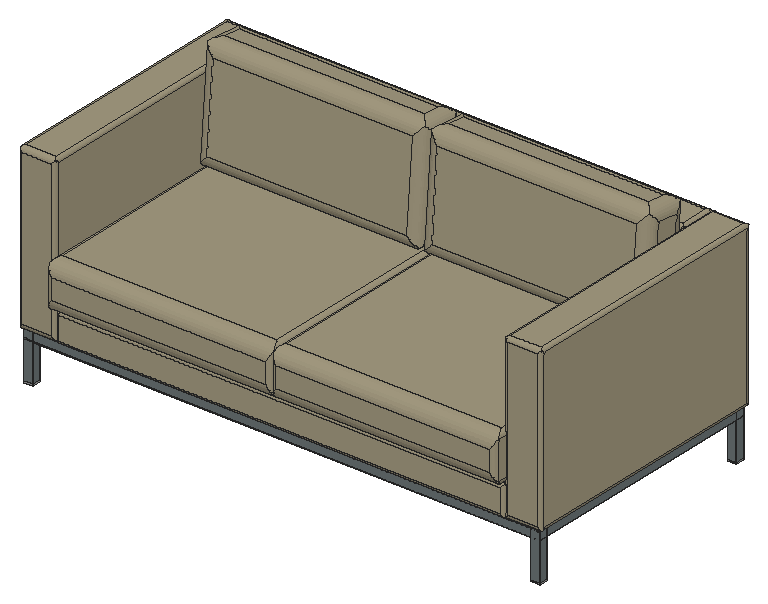
Revit family "FU_Sofa_Sandler_Iber 7-25", category Furniture, Revit 2022
Family settings
  OmniClass Number = 23.40.20.00
  OmniClass Title = General Furniture and Specialties
  Work Plane-Based = No
  Always vertical = Yes
  Cut with Voids When Loaded = No
  Render Appearance Source = Family Geometry
  Shared = No
  Room Calculation Point = No
Parameters (values of type "Iber 7.25")
  Width = 1690 mm
  URL = "https://www.sandlerseating.com/product/iber-7-25/"
  Seat [instance] = Fabric - Mainline Flax - Kensington MLF07
  Model = "Iber 7.25"
  Manufacturer = "Sandler"
  Height = 780 mm
  Frame [instance] = Metal - Powdercoats - Granite Grey RAL 7026
  Description = "Large two-seat sofa with slender armrests and chrome feet."
  Depth = 880 mm
  Default Elevation = 0 mm
Reference planes
  plane 1 "Center (Front/Back)": y = 0
  plane 2: z = 0
  plane 3 "Center (Left/Right)": x = 0
  plane 4 "Right": x = -845
  plane 5 "Left": x = 845
  plane 6 "Back": y = 440
  plane 7 "Front": y = -440
  plane 8 "Height": z = 780
  plane 9 "Seat Height": z = 410
  plane 10 "frame height FRONT": z = 155
  plane 11 "pads FRONT": z = 5
  plane 12 "frame right FRONT": x = -834.066
  plane 13 "frame left FRONT": x = 834.331
  plane 14 "frame front RIGHT": y = -396
  plane 15 "frame back RIGHT": y = 428
  plane 16 "inner right arm FRONT": x = -725.043
  plane 17 "inner left arm FRONT": x = 724.947
Forms (mm)
  Sweep 1, solid, material "Metal - Powdercoats - Granite Grey RAL 7026" <- "Frame"
    path origin (0, 0, 155) x (-1, 0, 0) y (0, -1, 0)
      loop
        line (834.066, -428) -> (834.066, 396) -> (-834.331, 396) -> (-834.331, -428) -> (834.066, -428)
    profile origin (0.132, 428, 155) x (0, 1, 0) y (0, 0, 1)
      loop
        line (-1.5, 0) -> (-28.5, 0)
        arc (-28.5, 0) -> (-29.561, -0.439) -> (-30, -1.5) r 1.5
        line (-30, -1.5) -> (-30, -26.5)
        arc (-30, -26.5) -> (-29.561, -27.561) -> (-28.5, -28) r 1.5
        line (-28.5, -28) -> (-1.5, -28)
        arc (-1.5, -28) -> (-0.439, -27.561) -> (0, -26.5) r 1.5
        line (0, -26.5) -> (0, -1.5)
        arc (0, -1.5) -> (-0.439, -0.439) -> (-1.5, 0) r 1.5
  Sweep 2, solid, material "Metal - Powdercoats - Granite Grey RAL 7026" <- "Frame"
    path origin (834.331, 0, 0) x (0, 0, 1) y (0, -1, 0)
      loop
        line (155, 396) -> (5, 396)
    profile origin (834.331, -396, 80) x (1, 0, 0) y (0, 1, 0)
      loop
        arc (-1.48, -0.021) -> (-0.419, 0.419) -> (0.02, 1.479) r 1.5
        line (0.02, 1.479) -> (0.02, 28.479)
        arc (0.02, 28.479) -> (-0.419, 29.54) -> (-1.48, 29.979) r 1.5
        line (-1.48, 29.979) -> (-28.48, 29.979)
        arc (-28.48, 29.979) -> (-29.541, 29.54) -> (-29.98, 28.479) r 1.5
        line (-29.98, 28.479) -> (-29.98, 1.479)
        arc (-29.98, 1.479) -> (-29.541, 0.419) -> (-28.48, -0.021) r 1.5
        line (-28.48, -0.021) -> (-1.48, -0.021)
  Sweep 3, solid, material "Metal - Powdercoats - Granite Grey RAL 7026" <- "Frame"
    path origin (-834.066, 0, 0) x (0, 0, 1) y (0, -1, 0)
      loop
        line (155, 396.021) -> (5, 396.021)
    profile origin (-834.066, -396.021, 80) x (1, 0, 0) y (0, 1, 0)
      loop
        arc (28.5, 0) -> (29.561, 0.439) -> (30, 1.5) r 1.5
        line (30, 1.5) -> (30, 28.5)
        arc (30, 28.5) -> (29.561, 29.561) -> (28.5, 30) r 1.5
        line (28.5, 30) -> (1.5, 30)
        arc (1.5, 30) -> (0.439, 29.561) -> (0, 28.5) r 1.5
        line (0, 28.5) -> (0, 1.5)
        arc (0, 1.5) -> (0.439, 0.439) -> (1.5, 0) r 1.5
        line (1.5, 0) -> (28.5, 0)
  Sweep 4, solid, material "Metal - Powdercoats - Granite Grey RAL 7026" <- "Frame"
    path origin (0, -396, 0) x (0, 0, 1) y (1, 0, 0)
      loop
        line (155, -834.066) -> (5, -834.066)
    profile origin (-834.066, -396, 80) x (0, 1, 0) y (-1, 0, 0)
      loop
        arc (794, -28.5) -> (794.439, -29.561) -> (795.5, -30) r 1.5
        line (795.5, -30) -> (822.5, -30)
        arc (822.5, -30) -> (823.561, -29.561) -> (824, -28.5) r 1.5
        line (824, -28.5) -> (824, -1.5)
        arc (824, -1.5) -> (823.561, -0.439) -> (822.5, 0) r 1.5
        line (822.5, 0) -> (795.5, 0)
        arc (795.5, 0) -> (794.439, -0.439) -> (794, -1.5) r 1.5
        line (794, -1.5) -> (794, -28.5)
  Sweep 5, solid, material "Metal - Powdercoats - Granite Grey RAL 7026" <- "Frame"
    path origin (834.331, 0, 0) x (0, 0, 1) y (0, -1, 0)
      loop
        line (155, -428) -> (5, -428)
    profile origin (834.331, 428, 80) x (1, 0, 0) y (0, 1, 0)
      loop
        arc (-1.5, -30) -> (-0.439, -29.561) -> (0, -28.5) r 1.5
        line (0, -28.5) -> (0, -1.5)
        arc (0, -1.5) -> (-0.439, -0.439) -> (-1.5, 0) r 1.5
        line (-1.5, 0) -> (-28.5, 0)
        arc (-28.5, 0) -> (-29.561, -0.439) -> (-30, -1.5) r 1.5
        line (-30, -1.5) -> (-30, -28.5)
        arc (-30, -28.5) -> (-29.561, -29.561) -> (-28.5, -30) r 1.5
        line (-28.5, -30) -> (-1.5, -30)
  Sweep 6, solid, material "Rubber, Natural"
    path origin (834.331, 0, 0) x (0, 0, 1) y (0, -1, 0)
      loop
        line (5, -428) -> (0, -428)
    profile origin (834.331, 428, 2.5) x (1, 0, 0) y (0, 1, 0)
      loop
        arc (-1.48, -30) -> (-0.419, -29.561) -> (0.02, -28.5) r 1.5
        line (0.02, -28.5) -> (0.02, -1.5)
        arc (0.02, -1.5) -> (-0.419, -0.439) -> (-1.48, 0) r 1.5
        line (-1.48, 0) -> (-28.48, 0)
        arc (-28.48, 0) -> (-29.541, -0.439) -> (-29.98, -1.5) r 1.5
        line (-29.98, -1.5) -> (-29.98, -28.5)
        arc (-29.98, -28.5) -> (-29.541, -29.561) -> (-28.48, -30) r 1.5
        line (-28.48, -30) -> (-1.48, -30)
  Sweep 7, solid, material "Rubber, Natural"
    path origin (834.331, 0, 0) x (0, 0, 1) y (0, -1, 0)
      loop
        line (5, 396.021) -> (0, 396.021)
    profile origin (834.331, -396.021, 2.5) x (1, 0, 0) y (0, 1, 0)
      loop
        arc (-1.48, 0) -> (-0.419, 0.439) -> (0.02, 1.5) r 1.5
        line (0.02, 1.5) -> (0.02, 28.5)
        arc (0.02, 28.5) -> (-0.419, 29.561) -> (-1.48, 30) r 1.5
        line (-1.48, 30) -> (-28.48, 30)
        arc (-28.48, 30) -> (-29.541, 29.561) -> (-29.98, 28.5) r 1.5
        line (-29.98, 28.5) -> (-29.98, 1.5)
        arc (-29.98, 1.5) -> (-29.541, 0.439) -> (-28.48, 0) r 1.5
        line (-28.48, 0) -> (-1.48, 0)
  Sweep 8, solid, material "Rubber, Natural"
    path origin (-834.066, 0, 0) x (0, 0, 1) y (0, -1, 0)
      loop
        line (5, 396.021) -> (0, 396.021)
    profile origin (-834.066, -396.021, 2.5) x (1, 0, 0) y (0, 1, 0)
      loop
        arc (28.5, 0) -> (29.561, 0.439) -> (30, 1.5) r 1.5
        line (30, 1.5) -> (30, 28.5)
        arc (30, 28.5) -> (29.561, 29.561) -> (28.5, 30) r 1.5
        line (28.5, 30) -> (1.5, 30)
        arc (1.5, 30) -> (0.439, 29.561) -> (0, 28.5) r 1.5
        line (0, 28.5) -> (0, 1.5)
        arc (0, 1.5) -> (0.439, 0.439) -> (1.5, 0) r 1.5
        line (1.5, 0) -> (28.5, 0)
  Sweep 9, solid, material "Rubber, Natural"
    path origin (-834.066, 0, 0) x (0, 0, 1) y (0, -1, 0)
      loop
        line (5, -428) -> (0, -428)
    profile origin (-834.066, 428, 2.5) x (1, 0, 0) y (0, 1, 0)
      loop
        arc (28.5, -30) -> (29.561, -29.561) -> (30, -28.5) r 1.5
        line (30, -28.5) -> (30, -1.5)
        arc (30, -1.5) -> (29.561, -0.439) -> (28.5, 0) r 1.5
        line (28.5, 0) -> (1.5, 0)
        arc (1.5, 0) -> (0.439, -0.439) -> (0, -1.5) r 1.5
        line (0, -1.5) -> (0, -28.5)
        arc (0, -28.5) -> (0.439, -29.561) -> (1.5, -30) r 1.5
        line (1.5, -30) -> (28.5, -30)
  Extrusion 10, solid, material "Fabric - Mainline Flax - Kensington MLF07" <- "Seat"
    sketch origin (-845, 0, 0) x (0, 1, 0) y (0, 0, 1)
      loop
        arc (425, 155) -> (435.607, 159.393) -> (440, 170) r 15
        line (440, 170) -> (440, 670)
        arc (440, 670) -> (435.607, 680.607) -> (425, 685) r 15
        line (425, 685) -> (-388.972, 685)
        arc (-388.972, 685) -> (-399.579, 680.607) -> (-403.972, 670) r 15
        line (-403.972, 670) -> (-403.972, 170)
        arc (-403.972, 170) -> (-399.579, 159.393) -> (-388.972, 155) r 15
        line (-388.972, 155) -> (425, 155)
    from 0 to 119.957
  Extrusion 11, solid, material "Fabric - Mainline Flax - Kensington MLF07" <- "Seat"
    sketch origin (845, 0, 0) x (0, 1, 0) y (0, 0, 1)
      loop
        arc (425, 155) -> (435.607, 159.393) -> (440, 170) r 15
        line (440, 170) -> (440, 670)
        arc (440, 670) -> (435.607, 680.607) -> (425, 685) r 15
        line (425, 685) -> (-388.972, 685)
        arc (-388.972, 685) -> (-399.579, 680.607) -> (-403.972, 670) r 15
        line (-403.972, 670) -> (-403.972, 170)
        arc (-403.972, 170) -> (-399.579, 159.393) -> (-388.972, 155) r 15
        line (-388.972, 155) -> (425, 155)
    from 0 to -120.053
  Sweep 12, void
    path in 3D
      loop
        line (-845, 440, 685) -> (-845, 440, 155) -> (-845, -403.972, 155) -> (-845, -403.972, 685) -> (-845, 440, 685)
    profile "Pro_edgeCut_12mm : Pro_edgeCut_12mm" origin (-845, 18.014, 685) x (-1, 0, 0) y (0, 0, 1)
      loop
        line (-7.071, 21.213) -> (-14.142, 0) -> (-12, 0)
        arc (-12, 0) -> (-3.515, -3.515) -> (0, -12) r 12
        line (0, -12) -> (0, -14.142) -> (21.213, -7.071) -> (-7.071, 21.213)
  Sweep 13, void
    path in 3D
      loop
        line (-725.043, -403.972, 685) -> (-725.043, -403.972, 155) -> (-725.043, 440, 155) -> (-725.043, 440, 685) -> (-725.043, -403.972, 685)
    profile "Pro_edgeCut_12mm : Pro_edgeCut_12mm" origin (-725.043, 18.014, 685) x (1, 0, 0) y (0, 0, 1)
      loop
        line (-7.071, 21.213) -> (-14.142, 0) -> (-12, 0)
        arc (-12, 0) -> (-3.515, -3.515) -> (0, -12) r 12
        line (0, -12) -> (0, -14.142) -> (21.213, -7.071) -> (-7.071, 21.213)
  Sweep 14, void
    path in 3D
      loop
        line (845, -403.972, 685) -> (845, -403.972, 155) -> (845, 440, 155) -> (845, 440, 685) -> (845, -403.972, 685)
    profile "Pro_edgeCut_12mm : Pro_edgeCut_12mm" origin (845, 18.014, 685) x (1, 0, 0) y (0, 0, 1)
      loop
        line (-7.071, 21.213) -> (-14.142, 0) -> (-12, 0)
        arc (-12, 0) -> (-3.515, -3.515) -> (0, -12) r 12
        line (0, -12) -> (0, -14.142) -> (21.213, -7.071) -> (-7.071, 21.213)
  Sweep 15, void
    path in 3D
      loop
        line (724.947, 440, 685) -> (724.947, 440, 155) -> (724.947, -403.972, 155) -> (724.947, -403.972, 685) -> (724.947, 440, 685)
    profile "Pro_edgeCut_12mm : Pro_edgeCut_12mm" origin (724.947, 18.014, 685) x (-1, 0, 0) y (0, 0, 1)
      loop
        line (-7.071, 21.213) -> (-14.142, 0) -> (-12, 0)
        arc (-12, 0) -> (-3.515, -3.515) -> (0, -12) r 12
        line (0, -12) -> (0, -14.142) -> (21.213, -7.071) -> (-7.071, 21.213)
  Extrusion 16, solid, material "Fabric - Mainline Flax - Kensington MLF07" <- "Seat"
    sketch origin (0, 0, 0) x (0, 1, 0) y (0, 0, 1)
      loop
        line (-393.717, 155) -> (425, 155)
        arc (425, 155) -> (435.607, 159.393) -> (440, 170) r 15
        line (440, 170) -> (440, 669.793)
        arc (440, 669.793) -> (435.607, 680.4) -> (425, 684.793) r 15
        line (425, 684.793) -> (335, 684.793)
        arc (335, 684.793) -> (324.393, 680.4) -> (320, 669.793) r 15
        line (320, 669.793) -> (320, 255) -> (-388.717, 255)
        arc (-388.717, 255) -> (-399.324, 250.607) -> (-403.717, 240) r 15
        line (-403.717, 240) -> (-403.717, 165)
        arc (-403.717, 165) -> (-400.788, 157.929) -> (-393.717, 155) r 10
    from -725.043 to 724.947
  Sweep 17, void
    path in 3D
      loop
        line (724.947, -403.717, 255) -> (724.947, -403.717, 155) -> (724.947, 440, 155) -> (724.947, 440, 684.793) -> (724.947, 320, 684.793) -> (724.947, 320, 255) -> (724.947, -403.717, 255)
    profile "Pro_edgeCut_12mm : Pro_edgeCut_12mm" origin (724.947, -41.859, 255) x (1, 0, 0) y (0, 0, 1)
      loop
        line (-7.071, 21.213) -> (-14.142, 0) -> (-12, 0)
        arc (-12, 0) -> (-3.515, -3.515) -> (0, -12) r 12
        line (0, -12) -> (0, -14.142) -> (21.213, -7.071) -> (-7.071, 21.213)
  Sweep 18, void
    path in 3D
      loop
        line (-725.043, 320, 255) -> (-725.043, 320, 684.793) -> (-725.043, 440, 684.793) -> (-725.043, 440, 155) -> (-725.043, -403.717, 155) -> (-725.043, -403.717, 255) -> (-725.043, 320, 255)
    profile "Pro_edgeCut_12mm : Pro_edgeCut_12mm" origin (-725.043, -41.859, 255) x (-1, 0, 0) y (0, 0, 1)
      loop
        line (-7.071, 21.213) -> (-14.142, 0) -> (-12, 0)
        arc (-12, 0) -> (-3.515, -3.515) -> (0, -12) r 12
        line (0, -12) -> (0, -14.142) -> (21.213, -7.071) -> (-7.071, 21.213)
  Extrusion 19, solid, material "Fabric - Mainline Flax - Kensington MLF07" <- "Seat"
    sketch origin (-725.043, 0, 0) x (0, 0, 1) y (0, -1, 0)
      loop
        arc (460.779, -158.902) -> (427.98, -169.413) -> (412.22, -200.037) r 45
        line (412.22, -200.037) -> (407.29, -259.601)
        arc (407.29, -259.601) -> (417.8, -292.399) -> (448.424, -308.16) r 45
        line (448.424, -308.16) -> (726.248, -331.157)
        arc (726.248, -331.157) -> (759.047, -320.647) -> (774.807, -290.023) r 45
        line (774.807, -290.023) -> (779.738, -230.458)
        arc (779.738, -230.458) -> (769.227, -197.66) -> (738.603, -181.9) r 45
        line (738.603, -181.9) -> (460.779, -158.902)
    from 0 to 725.043
  Sweep 20, void
    path in 3D
      loop
        line (0, 185.612, 783.45) -> (0, 155.19, 415.932) -> (0, 304.447, 403.577) -> (0, 334.869, 771.095) -> (0, 185.612, 783.45)
    profile "Pro_edgeCut_40mm : Pro_edgeCut_40mm" origin (0, 260.241, 777.272) x (0, -0.082494, -0.996592) y (1, 0, 0)
      loop
        line (7.071, 21.213) -> (-21.213, -7.071) -> (0, -40)
        arc (0, -40) -> (11.716, -11.716) -> (40, 0) r 40
        line (40, 0) -> (7.071, 21.213)
  Sweep 21, void
    path in 3D
      loop
        line (-725.043, 334.869, 771.095) -> (-725.043, 304.447, 403.577) -> (-725.043, 155.19, 415.932) -> (-725.043, 185.612, 783.45) -> (-725.043, 334.869, 771.095)
    profile "Pro_edgeCut_40mm : Pro_edgeCut_40mm" origin (-725.043, 260.241, 777.272) x (0, -0.082494, -0.996592) y (-1, 0, 0)
      loop
        line (7.071, 21.213) -> (-21.213, -7.071) -> (0, -40)
        arc (0, -40) -> (11.716, -11.716) -> (40, 0) r 40
        line (40, 0) -> (7.071, 21.213)
  Extrusion 22, solid, material "Fabric - Mainline Flax - Kensington MLF07" <- "Seat"
    sketch origin (-725.043, 0, 0) x (0, 0, 1) y (0, -1, 0)
      loop
        line (255, -320) -> (410, -320) -> (410, 395)
        arc (410, 395) -> (396.82, 426.82) -> (365, 440) r 45
        line (365, 440) -> (300, 440)
        arc (300, 440) -> (268.18, 426.82) -> (255, 395) r 45
        line (255, 395) -> (255, -320)
    from 0 to 725.043
  Sweep 23, void
    path in 3D
      loop
        line (-725.043, 320, 410) -> (-725.043, 320, 255) -> (-725.043, -440, 255) -> (-725.043, -440, 410) -> (-725.043, 320, 410)
    profile "Pro_edgeCut_32-5mm : Pro_edgeCut_32-5mm" origin (-725.043, -60, 410) x (-1, 0, 0) y (0, 0, 1)
      loop
        line (-7.071, 21.213) -> (-16.25, 0)
        arc (-16.25, 0) -> (-4.76, -4.76) -> (0, -16.25) r 16.25
        line (0, -16.25) -> (21.213, -7.071) -> (-7.071, 21.213)
  Sweep 24, void
    path in 3D
      loop
        line (0, -440, 410) -> (0, -440, 255) -> (0, 320, 255) -> (0, 320, 410) -> (0, -440, 410)
    profile "Pro_edgeCut_32-5mm : Pro_edgeCut_32-5mm" origin (0, -60, 410) x (1, 0, 0) y (0, 0, 1)
      loop
        line (-7.071, 21.213) -> (-16.25, 0)
        arc (-16.25, 0) -> (-4.76, -4.76) -> (0, -16.25) r 16.25
        line (0, -16.25) -> (21.213, -7.071) -> (-7.071, 21.213)
  Extrusion 25, solid, material "Fabric - Mainline Flax - Kensington MLF07" <- "Seat"
    sketch origin (575.043, 0, 0) x (0, 0, 1) y (0, 1, 0)
      loop
        line (460.779, 158.902) -> (738.603, 181.9)
        arc (738.603, 181.9) -> (769.227, 197.66) -> (779.738, 230.458) r 45
        line (779.738, 230.458) -> (774.807, 290.023)
        arc (774.807, 290.023) -> (759.047, 320.647) -> (726.248, 331.157) r 45
        line (726.248, 331.157) -> (448.424, 308.16)
        arc (448.424, 308.16) -> (417.8, 292.399) -> (407.29, 259.601) r 45
        line (407.29, 259.601) -> (412.22, 200.037)
        arc (412.22, 200.037) -> (427.98, 169.413) -> (460.779, 158.902) r 45
    from -149.903 to 575.043
  Sweep 26, void
    path in 3D
      loop
        line (0, 185.612, 783.45) -> (0, 155.19, 415.932) -> (0, 304.447, 403.577) -> (0, 334.869, 771.095) -> (0, 185.612, 783.45)
    profile "Pro_edgeCut_40mm : Pro_edgeCut_40mm" origin (0, 260.241, 777.272) x (0, 0.082494, 0.996592) y (-1, 0, 0)
      loop
        line (-7.071, 21.213) -> (-40, 0)
        arc (-40, 0) -> (-11.716, -11.716) -> (0, -40) r 40
        line (0, -40) -> (21.213, -7.071) -> (-7.071, 21.213)
  Sweep 27, void
    path in 3D
      loop
        line (724.947, 334.869, 771.095) -> (724.947, 304.447, 403.577) -> (724.947, 155.19, 415.932) -> (724.947, 185.612, 783.45) -> (724.947, 334.869, 771.095)
    profile "Pro_edgeCut_40mm : Pro_edgeCut_40mm" origin (724.947, 260.241, 777.272) x (0, 0.082494, 0.996592) y (1, 0, 0)
      loop
        line (-7.071, 21.213) -> (-40, 0)
        arc (-40, 0) -> (-11.716, -11.716) -> (0, -40) r 40
        line (0, -40) -> (21.213, -7.071) -> (-7.071, 21.213)
  Extrusion 28, solid, material "Fabric - Mainline Flax - Kensington MLF07" <- "Seat"
    sketch origin (575.043, 0, 0) x (0, 0, 1) y (0, 1, 0)
      loop
        line (255, 320) -> (255, -395)
        arc (255, -395) -> (268.18, -426.82) -> (300, -440) r 45
        line (300, -440) -> (365, -440)
        arc (365, -440) -> (396.82, -426.82) -> (410, -395) r 45
        line (410, -395) -> (410, 320) -> (255, 320)
    from -149.903 to 575.043
  Sweep 29, void
    path in 3D
      loop
        line (724.947, 320, 410) -> (724.947, 320, 255) -> (724.947, -440, 255) -> (724.947, -440, 410) -> (724.947, 320, 410)
    profile "Pro_edgeCut_32-5mm : Pro_edgeCut_32-5mm" origin (724.947, -60, 410) x (-1, 0, 0) y (0, 0, 1)
      loop
        line (7.071, 21.213) -> (-21.213, -7.071) -> (0, -16.25)
        arc (0, -16.25) -> (4.76, -4.76) -> (16.25, 0) r 16.25
        line (16.25, 0) -> (7.071, 21.213)
  Sweep 30, void
    path in 3D
      loop
        line (0, -440, 410) -> (0, -440, 255) -> (0, 320, 255) -> (0, 320, 410) -> (0, -440, 410)
    profile "Pro_edgeCut_32-5mm : Pro_edgeCut_32-5mm" origin (0, -60, 410) x (1, 0, 0) y (0, 0, 1)
      loop
        line (7.071, 21.213) -> (-21.213, -7.071) -> (0, -16.25)
        arc (0, -16.25) -> (4.76, -4.76) -> (16.25, 0) r 16.25
        line (16.25, 0) -> (7.071, 21.213)
Cuts and joins
  Sweep 12, Sweep 13 cuts Extrusion 10
  Sweep 14, Sweep 15 cuts Extrusion 11
  Sweep 17, Sweep 18 cuts Extrusion 16
  Sweep 20, Sweep 21 cuts Extrusion 19
  Sweep 23, Sweep 24 cuts Extrusion 22
  Sweep 26, Sweep 27 cuts Extrusion 25
  Sweep 29, Sweep 30 cuts Extrusion 28
Lines and regions (mm)
  sketch lines
    curve 1: line (-845, -403.972, 685) -> (-845, 440, 685)
    curve 2: line (-845, -403.972, 155) -> (-845, -403.972, 685)
    curve 3: line (-845, 440, 155) -> (-845, -403.972, 155)
    curve 4: line (-845, 440, 685) -> (-845, 440, 155)
    curve 5: line (-725.043, 440, 685) -> (-725.043, -403.972, 685)
    curve 6: line (-725.043, -403.972, 685) -> (-725.043, -403.972, 155)
    curve 7: line (-725.043, -403.972, 155) -> (-725.043, 440, 155)
    curve 8: line (-725.043, 440, 155) -> (-725.043, 440, 685)
    curve 9: line (845, 440, 685) -> (845, -403.972, 685)
    curve 10: line (845, -403.972, 685) -> (845, -403.972, 155)
    curve 11: line (845, -403.972, 155) -> (845, 440, 155)
    curve 12: line (845, 440, 155) -> (845, 440, 685)
    curve 13: line (724.947, -403.972, 685) -> (724.947, 440, 685)
    curve 14: line (724.947, -403.972, 155) -> (724.947, -403.972, 685)
    curve 15: line (724.947, 440, 155) -> (724.947, -403.972, 155)
    curve 16: line (724.947, 440, 685) -> (724.947, 440, 155)
    curve 17: line (724.947, 320, 255) -> (724.947, -403.717, 255)
    curve 18: line (724.947, -403.717, 255) -> (724.947, -403.717, 155)
    curve 19: line (724.947, -403.717, 155) -> (724.947, 440, 155)
    curve 20: line (724.947, 440, 155) -> (724.947, 440, 684.793)
    curve 21: line (724.947, 440, 684.793) -> (724.947, 320, 684.793)
    curve 22: line (724.947, 320, 684.793) -> (724.947, 320, 255)
    curve 23: line (-725.043, -403.717, 255) -> (-725.043, 320, 255)
    curve 24: line (-725.043, -403.717, 155) -> (-725.043, -403.717, 255)
    curve 25: line (-725.043, 440, 155) -> (-725.043, -403.717, 155)
    curve 26: line (-725.043, 440, 684.793) -> (-725.043, 440, 155)
    curve 27: line (-725.043, 320, 684.793) -> (-725.043, 440, 684.793)
    curve 28: line (-725.043, 320, 255) -> (-725.043, 320, 684.793)
    curve 29: line (0, 334.869, 771.095) -> (0, 185.612, 783.45)
    curve 30: line (0, 185.612, 783.45) -> (0, 155.19, 415.932)
    curve 31: line (0, 155.19, 415.932) -> (0, 304.447, 403.577)
    curve 32: line (0, 304.447, 403.577) -> (0, 334.869, 771.095)
    curve 33: line (-725.043, 185.612, 783.45) -> (-725.043, 334.869, 771.095)
    curve 34: line (-725.043, 155.19, 415.932) -> (-725.043, 185.612, 783.45)
    curve 35: line (-725.043, 304.447, 403.577) -> (-725.043, 155.19, 415.932)
    curve 36: line (-725.043, 334.869, 771.095) -> (-725.043, 304.447, 403.577)
    curve 37: line (-725.043, -440, 410) -> (-725.043, 320, 410)
    curve 38: line (-725.043, -440, 255) -> (-725.043, -440, 410)
    curve 39: line (-725.043, 320, 255) -> (-725.043, -440, 255)
    curve 40: line (-725.043, 320, 410) -> (-725.043, 320, 255)
    curve 41: line (0, 320, 410) -> (0, -440, 410)
    curve 42: line (0, -440, 410) -> (0, -440, 255)
    curve 43: line (0, -440, 255) -> (0, 320, 255)
    curve 44: line (0, 320, 255) -> (0, 320, 410)
    curve 45: line (0, 334.869, 771.095) -> (0, 185.612, 783.45)
    curve 46: line (0, 185.612, 783.45) -> (0, 155.19, 415.932)
    curve 47: line (0, 155.19, 415.932) -> (0, 304.447, 403.577)
    curve 48: line (0, 304.447, 403.577) -> (0, 334.869, 771.095)
    curve 49: line (724.947, 185.612, 783.45) -> (724.947, 334.869, 771.095)
    curve 50: line (724.947, 155.19, 415.932) -> (724.947, 185.612, 783.45)
    curve 51: line (724.947, 304.447, 403.577) -> (724.947, 155.19, 415.932)
    curve 52: line (724.947, 334.869, 771.095) -> (724.947, 304.447, 403.577)
    curve 53: line (724.947, -440, 410) -> (724.947, 320, 410)
    curve 54: line (724.947, -440, 255) -> (724.947, -440, 410)
    curve 55: line (724.947, 320, 255) -> (724.947, -440, 255)
    curve 56: line (724.947, 320, 410) -> (724.947, 320, 255)
    curve 57: line (0, 320, 410) -> (0, -440, 410)
    curve 58: line (0, -440, 410) -> (0, -440, 255)
    curve 59: line (0, -440, 255) -> (0, 320, 255)
    curve 60: line (0, 320, 255) -> (0, 320, 410)
Dimensions and locks
  equal spacing: plane 6 "Back", plane 1 "Center (Front/Back)", plane 7 "Front"
  "Depth": plane 6 "Back" to plane 7 "Front"
  equal spacing: plane 4 "Right", plane 3 "Center (Left/Right)", plane 5 "Left"
  "Width": plane 4 "Right" to plane 5 "Left"
  "Height": plane 8 "Height" to level
  locked: plane 12 "frame right FRONT" to plane 4 "Right" at 10.934
  locked: plane 5 "Left" to plane 13 "frame left FRONT" at 10.669
  locked: plane 16 "inner right arm FRONT" to plane 12 "frame right FRONT" at 109.022
  locked: plane 13 "frame left FRONT" to plane 17 "inner left arm FRONT" at 109.384
  aligned and locked: level to plane 2
  aligned and locked: Sweep 1 sketch curve to plane 15 "frame back RIGHT"
  aligned and locked: plane 12 "frame right FRONT" to Sweep 1 sketch curve
  aligned and locked: plane 14 "frame front RIGHT" to Sweep 1 sketch curve
  aligned and locked: Sweep 1 sketch curve to plane 13 "frame left FRONT"
  aligned and locked: plane 16 "inner right arm FRONT" to Extrusion 10
  aligned and locked: Extrusion 11 to plane 17 "inner left arm FRONT"
  aligned and locked: Extrusion 16 to plane 16 "inner right arm FRONT"
  aligned and locked: plane 17 "inner left arm FRONT" to Extrusion 16
  aligned and locked: plane 3 "Center (Left/Right)" to Extrusion 22
  aligned and locked: plane 3 "Center (Left/Right)" to Extrusion 19
  aligned and locked: plane 17 "inner left arm FRONT" to Extrusion 28
  aligned and locked: plane 17 "inner left arm FRONT" to Extrusion 25
Automatic sketch dimensions
  Sweep 1 sketch curve to plane 10 "frame height FRONT" = 0 mm
  Sweep 1 sketch curve to profile plane = 0 mm
  profile plane to Sweep 1 sketch curve = 1.5 mm  (x2)
  Sweep 1 sketch curve to Sweep 1 sketch curve = 27 mm
  Sweep 1 sketch curve to Sweep 1 sketch curve = 0 mm
  Sweep 1 sketch curve to plane 10 "frame height FRONT" = 1.5 mm
  Sweep 1 sketch curve to Sweep 1 sketch curve = 25 mm
  plane 11 "pads FRONT" to Sweep 2 sketch curve = 0 mm
  Sweep 2 sketch curve to plane 10 "frame height FRONT" = 0 mm
  Sweep 2 sketch curve to plane 14 "frame front RIGHT" = 0 mm
  Sweep 2 sketch curve to profile plane = 1.479 mm
  Sweep 2 sketch curve to plane 13 "frame left FRONT" = 29.98 mm
  Sweep 2 sketch curve to Sweep 2 sketch curve = 1.5 mm
  profile plane to Sweep 2 sketch curve = 0.021 mm
  Sweep 2 sketch curve to plane 13 "frame left FRONT" = 1.48 mm  (x2)
  plane 13 "frame left FRONT" to Sweep 2 sketch curve = 0.02 mm
  Sweep 2 sketch curve to Sweep 2 sketch curve = 27 mm
  plane 11 "pads FRONT" to Sweep 3 sketch curve = 0 mm
  Sweep 3 sketch curve to plane 10 "frame height FRONT" = 0 mm
  Sweep 3 sketch curve to plane 14 "frame front RIGHT" = 0.021 mm
  Sweep 3 sketch curve to plane 12 "frame right FRONT" = 0 mm
  profile plane to Sweep 3 sketch curve = 0 mm
  plane 12 "frame right FRONT" to Sweep 3 sketch curve = 1.5 mm  (x2)
  Sweep 3 sketch curve to Sweep 3 sketch curve = 27 mm  (x2)
  Sweep 3 sketch curve to profile plane = 1.5 mm
  Sweep 3 sketch curve to Sweep 3 sketch curve = 0 mm
  Sweep 4 sketch curve to plane 11 "pads FRONT" = 0 mm
  Sweep 4 sketch curve to plane 10 "frame height FRONT" = 0 mm
  Sweep 4 sketch curve to plane 12 "frame right FRONT" = 0 mm
  Sweep 4 sketch curve to profile plane = 0 mm
  profile plane to Sweep 4 sketch curve = 28.5 mm
  plane 14 "frame front RIGHT" to Sweep 4 sketch curve = 794 mm
  Sweep 4 sketch curve to Sweep 4 sketch curve = 1.5 mm  (x3)
  Sweep 4 sketch curve to Sweep 4 sketch curve = 27 mm  (x2)
  Sweep 5 sketch curve to plane 15 "frame back RIGHT" = 0 mm
  Sweep 5 sketch curve to plane 10 "frame height FRONT" = 0 mm
  Sweep 5 sketch curve to plane 11 "pads FRONT" = 0 mm
  profile plane to Sweep 5 sketch curve = 0 mm
  Sweep 5 sketch curve to plane 13 "frame left FRONT" = 0 mm
  Sweep 5 sketch curve to plane 13 "frame left FRONT" = 1.5 mm  (x2)
  Sweep 5 sketch curve to Sweep 5 sketch curve = 27 mm  (x3)
  profile plane to Sweep 5 sketch curve = 1.5 mm
  Sweep 6 sketch curve to level = 0 mm
  plane 11 "pads FRONT" to Sweep 6 sketch curve = 0 mm
  plane 15 "frame back RIGHT" to Sweep 6 sketch curve = 0 mm
  Sweep 6 sketch curve to plane 13 "frame left FRONT" = 29.98 mm
  profile plane to Sweep 6 sketch curve = 0 mm
  Sweep 6 sketch curve to Sweep 6 sketch curve = 1.5 mm  (x2)
  Sweep 6 sketch curve to plane 13 "frame left FRONT" = 1.48 mm  (x2)
  plane 13 "frame left FRONT" to Sweep 6 sketch curve = 0.02 mm
  Sweep 6 sketch curve to Sweep 6 sketch curve = 27 mm
  Sweep 7 sketch curve to level = 0 mm
  plane 11 "pads FRONT" to Sweep 7 sketch curve = 0 mm
  Sweep 7 sketch curve to plane 14 "frame front RIGHT" = 0.021 mm
  profile plane to Sweep 7 sketch curve = 0 mm
  Sweep 7 sketch curve to profile plane = 1.5 mm
  Sweep 7 sketch curve to plane 13 "frame left FRONT" = 29.98 mm
  Sweep 7 sketch curve to Sweep 7 sketch curve = 1.5 mm
  Sweep 7 sketch curve to plane 13 "frame left FRONT" = 1.48 mm  (x2)
  plane 13 "frame left FRONT" to Sweep 7 sketch curve = 0.02 mm
  Sweep 7 sketch curve to Sweep 7 sketch curve = 27 mm
  Sweep 8 sketch curve to level = 0 mm
  plane 11 "pads FRONT" to Sweep 8 sketch curve = 0 mm
  Sweep 8 sketch curve to plane 14 "frame front RIGHT" = 0.021 mm
  Sweep 8 sketch curve to plane 12 "frame right FRONT" = 0 mm
  profile plane to Sweep 8 sketch curve = 0 mm
  plane 12 "frame right FRONT" to Sweep 8 sketch curve = 1.5 mm  (x2)
  Sweep 8 sketch curve to Sweep 8 sketch curve = 27 mm  (x3)
  Sweep 8 sketch curve to profile plane = 1.5 mm
  Sweep 9 sketch curve to level = 0 mm
  plane 11 "pads FRONT" to Sweep 9 sketch curve = 0 mm
  Sweep 9 sketch curve to plane 15 "frame back RIGHT" = 0 mm
  Sweep 9 sketch curve to plane 12 "frame right FRONT" = 0 mm
  Sweep 9 sketch curve to profile plane = 0 mm
  plane 12 "frame right FRONT" to Sweep 9 sketch curve = 1.5 mm  (x2)
  profile plane to Sweep 9 sketch curve = 1.5 mm
  Sweep 9 sketch curve to Sweep 9 sketch curve = 27 mm  (x2)
  Sweep 9 sketch curve to Sweep 9 sketch curve = 1.5 mm
  Extrusion 10 sketch curve to plane 10 "frame height FRONT" = 0 mm
  Extrusion 10 sketch curve to plane 6 "Back" = 0 mm
  Extrusion 10 sketch curve to plane 15 "frame back RIGHT" = 3 mm  (x2)
  plane 14 "frame front RIGHT" to Extrusion 10 sketch curve = 7.028 mm  (x2)
  Extrusion 10 sketch curve to plane 14 "frame front RIGHT" = 7.972 mm
  Extrusion 10 sketch curve to plane 8 "Height" = 110 mm
  Extrusion 11 sketch curve to plane 10 "frame height FRONT" = 0 mm
  Extrusion 11 sketch curve to plane 6 "Back" = 0 mm
  Extrusion 11 sketch curve to plane 15 "frame back RIGHT" = 3 mm  (x2)
  plane 14 "frame front RIGHT" to Extrusion 11 sketch curve = 7.028 mm  (x2)
  Extrusion 11 sketch curve to plane 14 "frame front RIGHT" = 7.972 mm
  Extrusion 11 sketch curve to plane 8 "Height" = 110 mm
  Extrusion 16 sketch curve to plane 10 "frame height FRONT" = 0 mm
  Extrusion 16 sketch curve to plane 6 "Back" = 0 mm
  Extrusion 16 sketch curve to plane 15 "frame back RIGHT" = 3 mm  (x2)
  Extrusion 16 sketch curve to Extrusion 16 sketch curve = 90 mm
  Extrusion 16 sketch curve to plane 15 "frame back RIGHT" = 108 mm
  plane 14 "frame front RIGHT" to Extrusion 16 sketch curve = 7.283 mm
  plane 14 "frame front RIGHT" to Extrusion 16 sketch curve = 2.283 mm
  Extrusion 16 sketch curve to plane 14 "frame front RIGHT" = 7.717 mm
  Extrusion 16 sketch curve to Extrusion 16 sketch curve = 75 mm
  Extrusion 16 sketch curve to plane 8 "Height" = 110.207 mm
  Extrusion 19 sketch curve to plane 9 "Seat Height" = 2.71 mm
  plane 9 "Seat Height" to Extrusion 19 sketch curve = 2.22 mm
  plane 9 "Seat Height" to Extrusion 19 sketch curve = 38.424 mm
  plane 9 "Seat Height" to Extrusion 19 sketch curve = 42.136 mm
  Extrusion 19 sketch curve to Extrusion 19 sketch curve = 44.847 mm  (x2)
  Extrusion 19 sketch curve to Extrusion 19 sketch curve = 3.712 mm  (x4)
  Extrusion 19 sketch curve to plane 8 "Height" = 53.752 mm
  Extrusion 19 sketch curve to plane 8 "Height" = 45.109 mm
  Extrusion 19 sketch curve to plane 8 "Height" = 41.397 mm
  Extrusion 19 sketch curve to plane 8 "Height" = 5.193 mm
  Extrusion 19 sketch curve to plane 8 "Height" = 0.262 mm
  Extrusion 19 sketch curve to plane 15 "frame back RIGHT" = 96.843 mm
  Extrusion 19 sketch curve to plane 15 "frame back RIGHT" = 119.84 mm
  Extrusion 19 sketch curve to Extrusion 19 sketch curve = 41.134 mm
  Extrusion 19 sketch curve to Extrusion 19 sketch curve = 59.564 mm  (x2)
  Extrusion 22 sketch curve to plane 7 "Front" = 0 mm
  Extrusion 22 sketch curve to plane 9 "Seat Height" = 0 mm
  plane 14 "frame front RIGHT" to Extrusion 22 sketch curve = 1 mm
  Extrusion 22 sketch curve to Extrusion 22 sketch curve = 65 mm
  plane 10 "frame height FRONT" to Extrusion 22 sketch curve = 100 mm
  Extrusion 22 sketch curve to plane 15 "frame back RIGHT" = 108 mm
  Extrusion 25 sketch curve to plane 9 "Seat Height" = 2.71 mm
  plane 9 "Seat Height" to Extrusion 25 sketch curve = 2.22 mm
  plane 9 "Seat Height" to Extrusion 25 sketch curve = 38.424 mm
  plane 9 "Seat Height" to Extrusion 25 sketch curve = 42.136 mm
  Extrusion 25 sketch curve to Extrusion 25 sketch curve = 44.847 mm  (x2)
  Extrusion 25 sketch curve to Extrusion 25 sketch curve = 3.712 mm  (x4)
  Extrusion 25 sketch curve to plane 8 "Height" = 53.752 mm
  Extrusion 25 sketch curve to plane 8 "Height" = 45.109 mm
  Extrusion 25 sketch curve to plane 8 "Height" = 41.397 mm
  Extrusion 25 sketch curve to plane 8 "Height" = 5.193 mm
  Extrusion 25 sketch curve to plane 8 "Height" = 0.262 mm
  Extrusion 25 sketch curve to plane 1 "Center (Front/Back)" = 158.902 mm
  Extrusion 25 sketch curve to plane 1 "Center (Front/Back)" = 181.9 mm
  Extrusion 25 sketch curve to Extrusion 25 sketch curve = 41.134 mm
  Extrusion 25 sketch curve to Extrusion 25 sketch curve = 59.564 mm  (x2)
  Extrusion 28 sketch curve to plane 7 "Front" = 0 mm
  Extrusion 28 sketch curve to plane 9 "Seat Height" = 0 mm
  plane 14 "frame front RIGHT" to Extrusion 28 sketch curve = 1 mm
  Extrusion 28 sketch curve to Extrusion 28 sketch curve = 65 mm
  plane 10 "frame height FRONT" to Extrusion 28 sketch curve = 100 mm
  Extrusion 28 sketch curve to plane 15 "frame back RIGHT" = 108 mm
